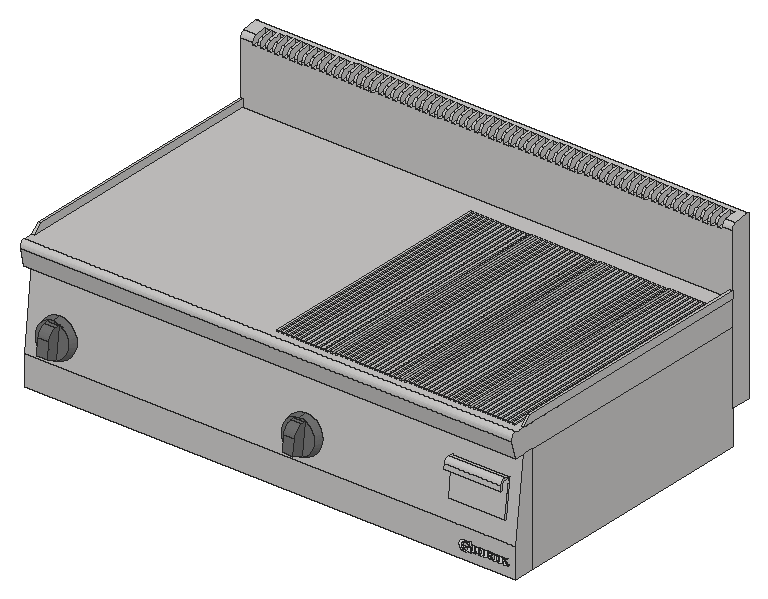
Revit family "QF_GIORIK_LGE6963", category Specialty Equipment, Revit 2014
Parameters (values of type "LGE6963")
  Weight in Pounds = 209.4389
  Watts = 10800 W
  Volts = 400 V
  URL Cutsheet = "www.giorik.com"
  URL = "www.giorik.com"
  Status [instance] = ""
  Specification by User [instance] = ""
  Specification by Manufacturer = ""
  Show Logo [instance] = yes
  Show Clearance [instance] = yes
  Serial Number = ""
  Seismic Rating = ""
  SMACNA No = ""
  Revision Code [instance] = ""
  Phase = 3
  Number of Poles [instance] = 3
  NAFEM Spec ID Number = ""
  Model = "LGE6963"
  Min Ckt Ampacity = 0 A
  Max Overcurrent Protection = 0 A
  Masterspec = ""
  Manufacturer = "GIORIK"
  Item Number [instance] = ""
  Installed By [instance] = ""
  Identify Quantity as Lot [instance] = no
  HP = "14.483016000000"
  Furnished By [instance] = ""
  Foodservice Equipment Identifier [instance] = yes
  FL Amps = 0 A
  Electrical Remarks [instance] = ""
  Electric Connection Type [instance] = ""
  Elec Conn RI Height [instance] = 0 mm
  Elec Conn Connection Height [instance] = 45 mm
  Description = "GRIDDLE SMOOTH RIBBED"
  Cycle = 50 Hz
  Conn Plug = ""
  CSI MasterFormat = ""
  Assembly Code = "E1090320"
  Apparent Power = 10800 VA
Reference planes
  plane 1 "Back": y = 0
  plane 2: z = 0
  plane 3 "Left": x = 0
  plane 4 "Right": x = 1000
  plane 5 "Front": y = -600
  plane 6 "Top": z = 430
Forms (mm)
  Extrusion 1, solid
    sketch origin (437.5, 54.539, -573.525) x (1, 0, 0) y (0, 1, 0)
      loop
        line (62.5, -135) -> (62.5, -628.345) -> (67.5, -628.345) -> (67.5, -135) -> (62.5, -135)
      loop
        line (72.5, -135) -> (72.5, -628.345) -> (77.5, -628.345) -> (77.5, -135) -> (72.5, -135)
      loop
        line (82.5, -135) -> (82.5, -628.345) -> (87.5, -628.345) -> (87.5, -135) -> (82.5, -135)
      loop
        line (92.5, -135) -> (92.5, -628.345) -> (97.5, -628.345) -> (97.5, -135) -> (92.5, -135)
      loop
        line (102.5, -135) -> (102.5, -628.345) -> (107.5, -628.345) -> (107.5, -135) -> (102.5, -135)
      loop
        line (112.5, -135) -> (112.5, -628.345) -> (117.5, -628.345) -> (117.5, -135) -> (112.5, -135)
      loop
        line (122.5, -135) -> (122.5, -628.345) -> (127.5, -628.345) -> (127.5, -135) -> (122.5, -135)
      loop
        line (132.5, -135) -> (132.5, -628.345) -> (137.5, -628.345) -> (137.5, -135) -> (132.5, -135)
      loop
        line (142.5, -135) -> (142.5, -628.345) -> (147.5, -628.345) -> (147.5, -135) -> (142.5, -135)
      loop
        line (152.5, -135) -> (152.5, -628.345) -> (157.5, -628.345) -> (157.5, -135) -> (152.5, -135)
      loop
        line (162.5, -135) -> (162.5, -628.345) -> (167.5, -628.345) -> (167.5, -135) -> (162.5, -135)
      loop
        line (172.5, -135) -> (172.5, -628.345) -> (177.5, -628.345) -> (177.5, -135) -> (172.5, -135)
      loop
        line (182.5, -135) -> (182.5, -628.345) -> (187.5, -628.345) -> (187.5, -135) -> (182.5, -135)
      loop
        line (192.5, -135) -> (192.5, -628.345) -> (197.5, -628.345) -> (197.5, -135) -> (192.5, -135)
      loop
        line (202.5, -135) -> (202.5, -628.345) -> (207.5, -628.345) -> (207.5, -135) -> (202.5, -135)
      loop
        line (212.5, -135) -> (212.5, -628.345) -> (217.5, -628.345) -> (217.5, -135) -> (212.5, -135)
      loop
        line (222.5, -135) -> (222.5, -628.345) -> (227.5, -628.345) -> (227.5, -135) -> (222.5, -135)
      loop
        line (232.5, -135) -> (232.5, -628.345) -> (237.5, -628.345) -> (237.5, -135) -> (232.5, -135)
      loop
        line (242.5, -135) -> (242.5, -628.345) -> (247.5, -628.345) -> (247.5, -135) -> (242.5, -135)
      loop
        line (252.5, -135) -> (252.5, -628.345) -> (257.5, -628.345) -> (257.5, -135) -> (252.5, -135)
      loop
        line (262.5, -135) -> (262.5, -628.345) -> (267.5, -628.345) -> (267.5, -135) -> (262.5, -135)
      loop
        line (272.5, -135) -> (272.5, -628.345) -> (277.5, -628.345) -> (277.5, -135) -> (272.5, -135)
      loop
        line (282.5, -135) -> (282.5, -628.345) -> (287.5, -628.345) -> (287.5, -135) -> (282.5, -135)
      loop
        line (292.5, -135) -> (292.5, -628.345) -> (297.5, -628.345) -> (297.5, -135) -> (292.5, -135)
      loop
        line (302.5, -135) -> (302.5, -628.345) -> (307.5, -628.345) -> (307.5, -135) -> (302.5, -135)
      loop
        line (312.5, -135) -> (312.5, -628.345) -> (317.5, -628.345) -> (317.5, -135) -> (312.5, -135)
      loop
        line (322.5, -135) -> (322.5, -628.345) -> (327.5, -628.345) -> (327.5, -135) -> (322.5, -135)
      loop
        line (332.5, -135) -> (332.5, -628.345) -> (337.5, -628.345) -> (337.5, -135) -> (332.5, -135)
      loop
        line (342.5, -135) -> (342.5, -628.345) -> (347.5, -628.345) -> (347.5, -135) -> (342.5, -135)
      loop
        line (352.5, -135) -> (352.5, -628.345) -> (357.5, -628.345) -> (357.5, -135) -> (352.5, -135)
      loop
        line (362.5, -135) -> (362.5, -628.345) -> (367.5, -628.345) -> (367.5, -135) -> (362.5, -135)
      loop
        line (372.5, -135) -> (372.5, -628.345) -> (377.5, -628.345) -> (377.5, -135) -> (372.5, -135)
      loop
        line (382.5, -135) -> (382.5, -628.345) -> (387.5, -628.345) -> (387.5, -135) -> (382.5, -135)
      loop
        line (392.5, -135) -> (392.5, -628.345) -> (397.5, -628.345) -> (397.5, -135) -> (392.5, -135)
      loop
        line (402.5, -135) -> (402.5, -628.345) -> (407.5, -628.345) -> (407.5, -135) -> (402.5, -135)
      loop
        line (412.5, -135) -> (412.5, -628.345) -> (417.5, -628.345) -> (417.5, -135) -> (412.5, -135)
      loop
        line (422.5, -135) -> (422.5, -628.345) -> (427.5, -628.345) -> (427.5, -135) -> (422.5, -135)
      loop
        line (432.5, -135) -> (432.5, -628.345) -> (437.5, -628.345) -> (437.5, -135) -> (432.5, -135)
      loop
        line (442.5, -135) -> (442.5, -628.345) -> (447.5, -628.345) -> (447.5, -135) -> (442.5, -135)
      loop
        line (452.5, -135) -> (452.5, -628.345) -> (457.5, -628.345) -> (457.5, -135) -> (452.5, -135)
      loop
        line (462.5, -135) -> (462.5, -628.345) -> (467.5, -628.345) -> (467.5, -135) -> (462.5, -135)
      loop
        line (472.5, -135) -> (472.5, -628.345) -> (477.5, -628.345) -> (477.5, -135) -> (472.5, -135)
      loop
        line (482.5, -135) -> (482.5, -628.345) -> (487.5, -628.345) -> (487.5, -135) -> (482.5, -135)
      loop
        line (492.5, -135) -> (492.5, -628.345) -> (497.5, -628.345) -> (497.5, -135) -> (492.5, -135)
      loop
        line (502.5, -135) -> (502.5, -628.345) -> (507.5, -628.345) -> (507.5, -135) -> (502.5, -135)
      loop
        line (512.5, -135) -> (512.5, -628.345) -> (517.5, -628.345) -> (517.5, -135) -> (512.5, -135)
      loop
        line (522.5, -135) -> (522.5, -628.345) -> (527.5, -628.345) -> (527.5, -135) -> (522.5, -135)
      loop
        line (532.5, -135) -> (532.5, -628.345) -> (537.5, -628.345) -> (537.5, -135) -> (532.5, -135)
      loop
        line (542.5, -135) -> (542.5, -628.345) -> (547.5, -628.345) -> (547.5, -135) -> (542.5, -135)
    from 863.5 to 865.5
  Extrusion 2, solid
    sketch origin (0, 1000, -580) x (0, 1, 0) y (0, 0, 1)
      loop
        line (-1040.007, 869.975) -> (-1589.445, 869.975)
        arc (-1589.445, 869.975) -> (-1598.171, 865.672) -> (-1600.069, 856.13) r 10.999
        line (-1600.069, 856.13) -> (-1590.388, 820) -> (-1040.007, 820) -> (-1040.007, 869.975)
    from 0 to 1000
  Extrusion 3, solid
    sketch origin (0, 0, -560) x (0, 1, 0) y (0, 0, 1)
      loop
        line (-570.06, 849.975) -> (-40.007, 849.975) -> (-40.007, 865.387) -> (-554.648, 865.387) -> (-570.06, 849.975)
    from 0 to 5
  Extrusion 4, solid
    sketch origin (0, 0, -560) x (0, 1, 0) y (0, 0, 1)
      loop
        line (-40.007, 800) -> (-550, 800) -> (-550, 580) -> (-40.007, 580) -> (-40.007, 800)
    from 0 to 1000
  Extrusion 5, solid
    sketch origin (0, 0, -560) x (0, 1, 0) y (0, 0, 1)
      loop
        line (-550, 800) -> (-570.5, 800) -> (-590, 640) -> (-590, 580) -> (-550, 580) -> (-550, 800)
    from 0 to 1000
  Revolve 6, solid
    sketch origin (75.155, 0.456, -560.03) x (0, 1, 0) y (0, 0, 1)
      loop
        line (-598.03, 706.389) -> (-594.27, 737.013) -> (-609.648, 734.852) -> (-613.772, 701.269) -> (-581.482, 697.305) -> (-580.629, 704.252) -> (-598.03, 706.389)
      axis (-581.482, 697.305) -> (-613.772, 701.269)
    angle from 0 to 360
  Extrusion 7, solid
    sketch origin (598.094, 0, -560) x (0, 1, 0) y (0, 0, 1)
      loop
        line (-570.06, 849.975) -> (-40.007, 849.975) -> (-40.007, 865.387) -> (-554.648, 865.387) -> (-570.06, 849.975)
    from 396.962 to 401.906
  Extrusion 8, solid
    sketch origin (0, 0, -560) x (0, 1, 0) y (0, 0, 1)
      loop
        line (-40.007, 974.217) -> (-40.007, 650.827) -> (0, 650.827) -> (0, 988.42)
        arc (0, 988.42) -> (-0.57, 989.648) -> (-1.878, 990) r 1.6
        line (-1.878, 990) -> (-31.072, 984.852)
        arc (-31.072, 984.852) -> (-37.477, 981.162) -> (-40.007, 974.217) r 10.797
    from 0 to 1000
  Extrusion 9, solid
    sketch origin (-87.831, 0.456, -560.03) x (0, 1, 0) y (0, 0, 1)
      loop
        line (-635.843, 711.553) -> (-639.647, 680.575) -> (-617.415, 671.593) -> (-610.135, 730.882) -> (-617.934, 729.786)
        arc (-617.934, 729.786) -> (-629.982, 723.708) -> (-635.843, 711.553) r 20.998
    from 151.831 to 173.831
  Revolve 10, solid
    sketch origin (575.155, 0.456, -560.03) x (0, 1, 0) y (0, 0, 1)
      loop
        line (-598.03, 706.389) -> (-594.27, 737.013) -> (-609.648, 734.852) -> (-613.772, 701.269) -> (-581.482, 697.305) -> (-580.629, 704.252) -> (-598.03, 706.389)
      axis (-581.482, 697.305) -> (-613.772, 701.269)
    angle from 0 to 360
  Extrusion 11, solid
    sketch origin (412.169, 0.456, -560.03) x (0, 1, 0) y (0, 0, 1)
      loop
        line (-635.843, 711.553) -> (-639.647, 680.575) -> (-617.415, 671.593) -> (-610.135, 730.882) -> (-617.934, 729.786)
        arc (-617.934, 729.786) -> (-629.982, 723.708) -> (-635.843, 711.553) r 20.998
    from 151.831 to 173.831
  Extrusion 12, solid, visible <- "Show Logo"
    sketch origin (791.604, -590.5, -6.113) x (-1, 0, 0) y (0, 0, 1)
      loop
        line (-118.824, 58.358) -> (-127.804, 58.358) -> (-125.523, 56.445) -> (-125.523, 48.027) -> (-127.804, 46.113) -> (-118.824, 46.113) -> (-121.105, 48.027) -> (-121.105, 56.445) -> (-118.824, 58.358)
      loop
        line (-163.721, 58.358) -> (-172.7, 58.358) -> (-170.42, 56.445) -> (-170.42, 48.027) -> (-172.7, 46.113) -> (-163.721, 46.113) -> (-166.001, 48.027) -> (-166.001, 56.445) -> (-163.721, 58.358)
      loop
        line (-174.332, 58.358) -> (-183.312, 58.358) -> (-181.031, 56.445) -> (-181.031, 52.435) -> (-186.419, 56.955) -> (-184.416, 58.358) -> (-191.268, 58.358) -> (-188.01, 56.839) -> (-185.455, 54.283) -> (-190.846, 47.858) -> (-193.396, 46.93) -> (-193.396, 46.113) -> (-184.416, 46.113) -> (-185.437, 47.571) -> (-182.443, 51.552) -> (-181.031, 50.894) -> (-181.031, 48.027) -> (-183.312, 46.113) -> (-174.332, 46.113) -> (-176.613, 48.027) -> (-176.613, 56.445) -> (-174.332, 58.358)
      loop
        line (-115.429, 62.063) -> (-115.429, 54.198)
        arc (-115.429, 54.198) -> (-111.618, 57.803) -> (-106.847, 59.986) r 16.039
        arc (-106.847, 59.986) -> (-103.314, 59.837) -> (-100.512, 57.68) r 5.851
        arc (-100.512, 57.68) -> (-98.815, 52.267) -> (-100.512, 46.853) r 9.479
        arc (-100.512, 46.853) -> (-102.406, 44.986) -> (-104.846, 43.93) r 7.236
        arc (-104.846, 43.93) -> (-107.728, 44.111) -> (-110.052, 45.825) r 5.11
        line (-110.052, 45.825) -> (-110.052, 52.001) -> (-116.141, 52.001) -> (-116.141, 45.503) -> (-117.893, 43.751) -> (-114.094, 44.769)
        arc (-114.094, 44.769) -> (-112.56, 44.947) -> (-111.129, 44.366) r 3.115
        arc (-111.129, 44.366) -> (-104.216, 42.091) -> (-97.303, 44.366) r 11.641
        arc (-97.303, 44.366) -> (-93.396, 52.107) -> (-97.303, 59.849) r 9.622
        arc (-97.303, 59.849) -> (-104.369, 62.174) -> (-111.435, 59.849) r 11.898
        line (-111.435, 59.849) -> (-115.429, 62.063)
      loop
        arc (-129.234, 56.068) -> (-135.893, 58.628) -> (-142.552, 56.068) r 9.941
        arc (-142.552, 56.068) -> (-144.234, 52.286) -> (-142.552, 48.505) r 5.093
        arc (-142.552, 48.505) -> (-135.893, 45.945) -> (-129.234, 48.505) r 9.941
        arc (-129.234, 48.505) -> (-127.552, 52.286) -> (-129.234, 56.068) r 5.093
      loop
        arc (-132.628, 54.403) -> (-135.893, 57.668) -> (-139.158, 54.403) r 3.265
        line (-139.158, 54.403) -> (-139.158, 50.169)
        arc (-139.158, 50.169) -> (-135.893, 46.904) -> (-132.628, 50.169) r 3.265
        line (-132.628, 50.169) -> (-132.628, 54.403)
      loop
        arc (-156.363, 58.365) -> (-159.647, 55.081) -> (-156.363, 51.796) r 3.285
        line (-156.363, 51.796) -> (-159.529, 47.306) -> (-162.087, 46.113) -> (-155.847, 46.113) -> (-153.529, 51.083) -> (-150.637, 51.083) -> (-150.637, 47.784) -> (-153.022, 46.113) -> (-144.011, 46.113) -> (-146.094, 47.68) -> (-146.094, 56.493) -> (-144.229, 58.365) -> (-156.363, 58.365)
      loop
        line (-150.637, 57.512) -> (-153.637, 57.512)
        arc (-153.637, 57.512) -> (-156.237, 54.912) -> (-153.637, 52.312) r 2.6
        line (-153.637, 52.312) -> (-150.637, 52.312) -> (-150.637, 57.512)
      loop
        line (-108.924, 52.001) -> (-104.936, 49.005) -> (-100.948, 52.001) -> (-108.924, 52.001)
    from 1.5 to -0.5
  Extrusion 13, void
    sketch origin (10, 0, 430) x (0, 1, 0) y (-1, 0, 0)
      loop
        line (-40.007, -25) -> (-9.931, -25) -> (-9.931, -15) -> (-40.007, -15) -> (-40.007, -25)
      loop
        line (-40.007, -40) -> (-9.931, -40) -> (-9.931, -30) -> (-40.007, -30) -> (-40.007, -40)
      loop
        line (-40.007, -55) -> (-9.931, -55) -> (-9.931, -45) -> (-40.007, -45) -> (-40.007, -55)
      loop
        line (-40.007, -70) -> (-9.931, -70) -> (-9.931, -60) -> (-40.007, -60) -> (-40.007, -70)
      loop
        line (-40.007, -85) -> (-9.931, -85) -> (-9.931, -75) -> (-40.007, -75) -> (-40.007, -85)
      loop
        line (-40.007, -100) -> (-9.931, -100) -> (-9.931, -90) -> (-40.007, -90) -> (-40.007, -100)
      loop
        line (-40.007, -115) -> (-9.931, -115) -> (-9.931, -105) -> (-40.007, -105) -> (-40.007, -115)
      loop
        line (-40.007, -130) -> (-9.931, -130) -> (-9.931, -120) -> (-40.007, -120) -> (-40.007, -130)
      loop
        line (-40.007, -145) -> (-9.931, -145) -> (-9.931, -135) -> (-40.007, -135) -> (-40.007, -145)
      loop
        line (-40.007, -160) -> (-9.931, -160) -> (-9.931, -150) -> (-40.007, -150) -> (-40.007, -160)
      loop
        line (-40.007, -175) -> (-9.931, -175) -> (-9.931, -165) -> (-40.007, -165) -> (-40.007, -175)
      loop
        line (-40.007, -190) -> (-9.931, -190) -> (-9.931, -180) -> (-40.007, -180) -> (-40.007, -190)
      loop
        line (-40.007, -205) -> (-9.931, -205) -> (-9.931, -195) -> (-40.007, -195) -> (-40.007, -205)
      loop
        line (-40.007, -220) -> (-9.931, -220) -> (-9.931, -210) -> (-40.007, -210) -> (-40.007, -220)
      loop
        line (-40.007, -235) -> (-9.931, -235) -> (-9.931, -225) -> (-40.007, -225) -> (-40.007, -235)
      loop
        line (-40.007, -250) -> (-9.931, -250) -> (-9.931, -240) -> (-40.007, -240) -> (-40.007, -250)
      loop
        line (-40.007, -265) -> (-9.931, -265) -> (-9.931, -255) -> (-40.007, -255) -> (-40.007, -265)
      loop
        line (-40.007, -280) -> (-9.931, -280) -> (-9.931, -270) -> (-40.007, -270) -> (-40.007, -280)
      loop
        line (-40.007, -295) -> (-9.931, -295) -> (-9.931, -285) -> (-40.007, -285) -> (-40.007, -295)
      loop
        line (-40.007, -310) -> (-9.931, -310) -> (-9.931, -300) -> (-40.007, -300) -> (-40.007, -310)
      loop
        line (-40.007, -325) -> (-9.931, -325) -> (-9.931, -315) -> (-40.007, -315) -> (-40.007, -325)
      loop
        line (-40.007, -340) -> (-9.931, -340) -> (-9.931, -330) -> (-40.007, -330) -> (-40.007, -340)
      loop
        line (-40.007, -355) -> (-9.931, -355) -> (-9.931, -345) -> (-40.007, -345) -> (-40.007, -355)
      loop
        line (-40.007, -370) -> (-9.931, -370) -> (-9.931, -360) -> (-40.007, -360) -> (-40.007, -370)
      loop
        line (-40.007, -385) -> (-9.931, -385) -> (-9.931, -375) -> (-40.007, -375) -> (-40.007, -385)
      loop
        line (-40.007, -400) -> (-9.931, -400) -> (-9.931, -390) -> (-40.007, -390) -> (-40.007, -400)
      loop
        line (-40.007, -415) -> (-9.931, -415) -> (-9.931, -405) -> (-40.007, -405) -> (-40.007, -415)
      loop
        line (-40.007, -430) -> (-9.931, -430) -> (-9.931, -420) -> (-40.007, -420) -> (-40.007, -430)
      loop
        line (-40.007, -445) -> (-9.931, -445) -> (-9.931, -435) -> (-40.007, -435) -> (-40.007, -445)
      loop
        line (-40.007, -460) -> (-9.931, -460) -> (-9.931, -450) -> (-40.007, -450) -> (-40.007, -460)
      loop
        line (-40.007, -475) -> (-9.931, -475) -> (-9.931, -465) -> (-40.007, -465) -> (-40.007, -475)
      loop
        line (-40.007, -490) -> (-9.931, -490) -> (-9.931, -480) -> (-40.007, -480) -> (-40.007, -490)
      loop
        line (-40.007, -505) -> (-9.931, -505) -> (-9.931, -495) -> (-40.007, -495) -> (-40.007, -505)
      loop
        line (-40.007, -520) -> (-9.931, -520) -> (-9.931, -510) -> (-40.007, -510) -> (-40.007, -520)
      loop
        line (-40.007, -535) -> (-9.931, -535) -> (-9.931, -525) -> (-40.007, -525) -> (-40.007, -535)
      loop
        line (-40.007, -550) -> (-9.931, -550) -> (-9.931, -540) -> (-40.007, -540) -> (-40.007, -550)
      loop
        line (-40.007, -565) -> (-9.931, -565) -> (-9.931, -555) -> (-40.007, -555) -> (-40.007, -565)
      loop
        line (-40.007, -580) -> (-9.931, -580) -> (-9.931, -570) -> (-40.007, -570) -> (-40.007, -580)
      loop
        line (-40.007, -595) -> (-9.931, -595) -> (-9.931, -585) -> (-40.007, -585) -> (-40.007, -595)
      loop
        line (-40.007, -610) -> (-9.931, -610) -> (-9.931, -600) -> (-40.007, -600) -> (-40.007, -610)
      loop
        line (-40.007, -625) -> (-9.931, -625) -> (-9.931, -615) -> (-40.007, -615) -> (-40.007, -625)
      loop
        line (-40.007, -640) -> (-9.931, -640) -> (-9.931, -630) -> (-40.007, -630) -> (-40.007, -640)
      loop
        line (-40.007, -655) -> (-9.931, -655) -> (-9.931, -645) -> (-40.007, -645) -> (-40.007, -655)
      loop
        line (-40.007, -670) -> (-9.931, -670) -> (-9.931, -660) -> (-40.007, -660) -> (-40.007, -670)
      loop
        line (-40.007, -685) -> (-9.931, -685) -> (-9.931, -675) -> (-40.007, -675) -> (-40.007, -685)
      loop
        line (-40.007, -700) -> (-9.931, -700) -> (-9.931, -690) -> (-40.007, -690) -> (-40.007, -700)
      loop
        line (-40.007, -715) -> (-9.931, -715) -> (-9.931, -705) -> (-40.007, -705) -> (-40.007, -715)
      loop
        line (-40.007, -730) -> (-9.931, -730) -> (-9.931, -720) -> (-40.007, -720) -> (-40.007, -730)
      loop
        line (-40.007, -745) -> (-9.931, -745) -> (-9.931, -735) -> (-40.007, -735) -> (-40.007, -745)
      loop
        line (-40.007, -760) -> (-9.931, -760) -> (-9.931, -750) -> (-40.007, -750) -> (-40.007, -760)
      loop
        line (-40.007, -775) -> (-9.931, -775) -> (-9.931, -765) -> (-40.007, -765) -> (-40.007, -775)
      loop
        line (-40.007, -790) -> (-9.931, -790) -> (-9.931, -780) -> (-40.007, -780) -> (-40.007, -790)
      loop
        line (-40.007, -805) -> (-9.931, -805) -> (-9.931, -795) -> (-40.007, -795) -> (-40.007, -805)
      loop
        line (-40.007, -820) -> (-9.931, -820) -> (-9.931, -810) -> (-40.007, -810) -> (-40.007, -820)
      loop
        line (-40.007, -835) -> (-9.931, -835) -> (-9.931, -825) -> (-40.007, -825) -> (-40.007, -835)
      loop
        line (-40.007, -850) -> (-9.931, -850) -> (-9.931, -840) -> (-40.007, -840) -> (-40.007, -850)
      loop
        line (-40.007, -865) -> (-9.931, -865) -> (-9.931, -855) -> (-40.007, -855) -> (-40.007, -865)
      loop
        line (-40.007, -880) -> (-9.931, -880) -> (-9.931, -870) -> (-40.007, -870) -> (-40.007, -880)
      loop
        line (-40.007, -895) -> (-9.931, -895) -> (-9.931, -885) -> (-40.007, -885) -> (-40.007, -895)
      loop
        line (-40.007, -910) -> (-9.931, -910) -> (-9.931, -900) -> (-40.007, -900) -> (-40.007, -910)
      loop
        line (-40.007, -925) -> (-9.931, -925) -> (-9.931, -915) -> (-40.007, -915) -> (-40.007, -925)
      loop
        line (-40.007, -940) -> (-9.931, -940) -> (-9.931, -930) -> (-40.007, -930) -> (-40.007, -940)
      loop
        line (-40.007, -955) -> (-9.931, -955) -> (-9.931, -945) -> (-40.007, -945) -> (-40.007, -955)
      loop
        line (-40.007, -970) -> (-9.931, -970) -> (-9.931, -960) -> (-40.007, -960) -> (-40.007, -970)
    from 0 to -20
  Extrusion 14, solid
    sketch origin (566.603, 15.293, -30) x (0, 1, 0) y (-1, 0, 0)
      loop
        circle (-79.293, 516.603) r 5
    from 41.965 to 50
  Revolve 15, solid
    sketch origin (50, 19.943, -600) x (0, 1, 0) y (0, 0, 1)
      loop
        line (-83.943, 611.965) -> (-94.752, 611.965) -> (-97.943, 600) -> (-83.943, 600) -> (-83.943, 611.965)
      axis (-83.943, 611.965) -> (-83.943, 600)
    angle from 0 to 360
  Extrusion 16, solid
    sketch origin (433.397, 15.293, -30) x (0, 1, 0) y (-1, 0, 0)
      loop
        circle (-79.293, -516.603) r 5
    from 41.965 to 50
  Revolve 17, solid
    sketch origin (950, 19.943, -600) x (0, 1, 0) y (0, 0, -1)
      loop
        line (-83.943, -611.965) -> (-83.943, -600) -> (-97.943, -600) -> (-94.752, -611.965) -> (-83.943, -611.965)
      axis (-83.943, -611.965) -> (-83.943, -600)
    angle from 0 to 360
  Extrusion 18, solid
    sketch origin (566.603, -459.707, -30) x (0, 1, 0) y (-1, 0, 0)
      loop
        circle (-79.293, 516.603) r 5
    from 41.965 to 50
  Revolve 19, solid
    sketch origin (50, -455.057, -600) x (0, 1, 0) y (0, 0, 1)
      loop
        line (-83.943, 611.965) -> (-94.752, 611.965) -> (-97.943, 600) -> (-83.943, 600) -> (-83.943, 611.965)
      axis (-83.943, 611.965) -> (-83.943, 600)
    angle from 0 to 360
  Extrusion 20, solid
    sketch origin (433.397, -459.707, -30) x (0, 1, 0) y (-1, 0, 0)
      loop
        circle (-79.293, -516.603) r 5
    from 41.965 to 50
  Revolve 21, solid
    sketch origin (950, -455.057, -600) x (0, 1, 0) y (0, 0, -1)
      loop
        line (-83.943, -611.965) -> (-83.943, -600) -> (-97.943, -600) -> (-94.752, -611.965) -> (-83.943, -611.965)
      axis (-83.943, -611.965) -> (-83.943, -600)
    angle from 0 to 360
  Extrusion 22, solid
    sketch origin (722.5, -693.34, -437.283) x (0, 0.992655, -0.12098) y (0, 0.12098, 0.992655)
      loop
        line (40, 640.1) -> (30, 640.1)
        arc (30, 640.1) -> (22.929, 637.171) -> (20, 630.1) r 10
        line (20, 630.1) -> (20, 620.1) -> (22, 620.1) -> (22, 630.1)
        arc (22, 630.1) -> (24.343, 635.757) -> (30, 638.1) r 8
        line (30, 638.1) -> (38, 638.1) -> (38, 565.1) -> (40, 565.1) -> (40, 640.1)
    from 137.5 to 252.5
  Extrusion 23, solid
    sketch origin (-70, 0, 45) x (1, 0, 0) y (0, 0, 1)
      loop
        circle (1000, 0) r 12.5
    from 20.476 to 40.007
Cuts and joins
  Extrusion 13 cuts Extrusion 8
Lines and regions (mm)
  symbolic lines, style "200-EquipBorder-2D"
    curve 1: line (1000, 0, 0) -> (0, 0, 0)
    curve 2: line (0, 0, 0) -> (0, -600, 0)
    curve 3: line (1000, 0, 430) -> (1000, -600, 430)
    curve 395: line (0, -600, 430) -> (1000, -600, 430)
    curve 398: spline (64, -617.202, 990) -> (60.789, -617.041, 990) -> (57.73, -616.841, 990) -> (54.856, -616.604, 990) -> (52.196, -616.332, 990) -> (49.779, -616.028, 990) -> (47.63, -615.696, 990) -> (45.772, -615.338, 990) -> (44.225, -614.96, 990) -> (43.004, -614.563, 990) -> (42.122, -614.154, 990) -> (41.59, -613.736, 990) -> (41.412, -613.313, 990)
    curve 399: spline (109.073, -613.408, 990) -> (108.819, -613.826, 990) -> (108.218, -614.239, 990) -> (107.275, -614.643, 990) -> (106.001, -615.033, 990) -> (104.408, -615.405, 990) -> (102.513, -615.755, 990) -> (100.336, -616.08, 990) -> (97.898, -616.376, 990) -> (95.227, -616.641, 990) -> (92.348, -616.871, 990) -> (89.293, -617.065, 990) -> (86.091, -617.219, 990)
    curve 400: line (41.412, -613.313, 990) -> (37.735, -600, 990)
    curve 401: line (109.073, -613.408, 990) -> (112.578, -600, 990)
    curve 402: line (64, -639.19, 430) -> (64, -609.679, 430)
    curve 403: line (64, -639.19, 430) -> (86, -639.19, 430)
    curve 404: line (86, -639.19, 430) -> (86, -609.679, 430)
    curve 405: spline (41.412, -613.313, 430) -> (42.564, -612.264, 430) -> (45.941, -611.286, 430) -> (51.314, -610.446, 430) -> (58.316, -609.802, 430) -> (66.47, -609.396, 430) -> (75.22, -609.258, 430) -> (83.97, -609.396, 430) -> (92.124, -609.802, 430) -> (99.126, -610.446, 430) -> (104.499, -611.286, 430) -> (107.877, -612.264, 430) -> (109.029, -613.313, 430)
    curve 406: line (64, -609.679, 430) -> (86, -609.679, 430)
    curve 407: spline (564, -617.202, 990) -> (560.789, -617.041, 990) -> (557.73, -616.841, 990) -> (554.856, -616.604, 990) -> (552.196, -616.332, 990) -> (549.779, -616.028, 990) -> (547.63, -615.696, 990) -> (545.772, -615.338, 990) -> (544.225, -614.96, 990) -> (543.004, -614.563, 990) -> (542.122, -614.154, 990) -> (541.59, -613.736, 990) -> (541.412, -613.313, 990)
    curve 408: spline (609.073, -613.408, 990) -> (608.819, -613.826, 990) -> (608.218, -614.239, 990) -> (607.275, -614.643, 990) -> (606.001, -615.033, 990) -> (604.408, -615.405, 990) -> (602.513, -615.755, 990) -> (600.336, -616.08, 990) -> (597.898, -616.376, 990) -> (595.227, -616.641, 990) -> (592.348, -616.871, 990) -> (589.293, -617.065, 990) -> (586.091, -617.219, 990)
    curve 409: line (541.412, -613.313, 990) -> (537.735, -600, 990)
    curve 410: line (609.073, -613.408, 990) -> (612.578, -600, 990)
    curve 411: line (564, -639.19, 430) -> (564, -609.679, 430)
    curve 412: line (564, -639.19, 430) -> (586, -639.19, 430)
    curve 413: line (586, -639.19, 430) -> (586, -609.679, 430)
    curve 414: spline (541.412, -613.313, 430) -> (542.564, -612.264, 430) -> (545.941, -611.286, 430) -> (551.314, -610.446, 430) -> (558.316, -609.802, 430) -> (566.47, -609.396, 430) -> (575.22, -609.258, 430) -> (583.97, -609.396, 430) -> (592.124, -609.802, 430) -> (599.126, -610.446, 430) -> (604.499, -611.286, 430) -> (607.877, -612.264, 430) -> (609.029, -613.313, 430)
    curve 415: line (564, -609.679, 430) -> (586, -609.679, 430)
  symbolic lines, style "200-EquipInternal-2D"
    curve 4: line (995, -40.007, 430) -> (995, -570.06, 430)
    curve 5: line (995, -570.06, 430) -> (1000, -570.06, 430)
    curve 6: line (505, -80.461, 430) -> (500, -80.461, 430)
    curve 7: line (515, -80.461, 430) -> (510, -80.461, 430)
    curve 8: line (525, -80.461, 430) -> (520, -80.461, 430)
    curve 9: line (535, -80.461, 430) -> (530, -80.461, 430)
    curve 10: line (545, -80.461, 430) -> (540, -80.461, 430)
    curve 11: line (555, -80.461, 430) -> (550, -80.461, 430)
    curve 12: line (565, -80.461, 430) -> (560, -80.461, 430)
    curve 13: line (575, -80.461, 430) -> (570, -80.461, 430)
    curve 14: line (585, -80.461, 430) -> (580, -80.461, 430)
    curve 15: line (580, -80.461, 430) -> (580, -573.806, 430)
    curve 16: line (575, -573.806, 430) -> (575, -80.461, 430)
    curve 17: line (570, -80.461, 430) -> (570, -573.806, 430)
    curve 18: line (565, -573.806, 430) -> (565, -80.461, 430)
    curve 19: line (560, -80.461, 430) -> (560, -573.806, 430)
    curve 20: line (550, -80.461, 430) -> (550, -573.806, 430)
    curve 21: line (555, -573.806, 430) -> (555, -80.461, 430)
    curve 22: line (545, -573.806, 430) -> (545, -80.461, 430)
    curve 23: line (540, -80.461, 430) -> (540, -573.806, 430)
    curve 24: line (535, -573.806, 430) -> (535, -80.461, 430)
    curve 25: line (530, -80.461, 430) -> (530, -573.806, 430)
    curve 26: line (525, -573.806, 430) -> (525, -80.461, 430)
    curve 27: line (520, -80.461, 430) -> (520, -573.806, 430)
    curve 28: line (510, -80.461, 430) -> (510, -573.806, 430)
    curve 29: line (505, -573.806, 430) -> (505, -80.461, 430)
    curve 30: line (500, -80.461, 430) -> (500, -573.806, 430)
    curve 31: line (515, -573.806, 430) -> (515, -80.461, 430)
    curve 32: line (655, -573.806, 430) -> (655, -80.461, 430)
    curve 33: line (650, -80.461, 430) -> (650, -573.806, 430)
    curve 34: line (645, -573.806, 430) -> (645, -80.461, 430)
    curve 35: line (640, -80.461, 430) -> (640, -573.806, 430)
    curve 36: line (635, -573.806, 430) -> (635, -80.461, 430)
    curve 37: line (630, -80.461, 430) -> (630, -573.806, 430)
    curve 38: line (625, -573.806, 430) -> (625, -80.461, 430)
    curve 39: line (620, -80.461, 430) -> (620, -573.806, 430)
    curve 40: line (615, -573.806, 430) -> (615, -80.461, 430)
    curve 41: line (610, -80.461, 430) -> (610, -573.806, 430)
    curve 42: line (605, -573.806, 430) -> (605, -80.461, 430)
    curve 43: line (600, -80.461, 430) -> (600, -573.806, 430)
    curve 44: line (595, -573.806, 430) -> (595, -80.461, 430)
    curve 45: line (590, -80.461, 430) -> (590, -573.806, 430)
    curve 46: line (585, -573.806, 430) -> (585, -80.461, 430)
    curve 47: line (595, -80.461, 430) -> (590, -80.461, 430)
    curve 48: line (605, -80.461, 430) -> (600, -80.461, 430)
    curve 49: line (615, -80.461, 430) -> (610, -80.461, 430)
    curve 50: line (625, -80.461, 430) -> (620, -80.461, 430)
    curve 51: line (635, -80.461, 430) -> (630, -80.461, 430)
    curve 52: line (645, -80.461, 430) -> (640, -80.461, 430)
    curve 53: line (655, -80.461, 430) -> (650, -80.461, 430)
    curve 54: line (660, -80.461, 430) -> (660, -573.806, 430)
    curve 55: line (665, -573.806, 430) -> (665, -80.461, 430)
    curve 56: line (670, -80.461, 430) -> (670, -573.806, 430)
    curve 57: line (675, -573.806, 430) -> (675, -80.461, 430)
    curve 58: line (680, -80.461, 430) -> (680, -573.806, 430)
    curve 59: line (685, -573.806, 430) -> (685, -80.461, 430)
    curve 60: line (690, -80.461, 430) -> (690, -573.806, 430)
    curve 61: line (695, -573.806, 430) -> (695, -80.461, 430)
    curve 62: line (700, -80.461, 430) -> (700, -573.806, 430)
    curve 63: line (705, -573.806, 430) -> (705, -80.461, 430)
    curve 64: line (710, -80.461, 430) -> (710, -573.806, 430)
    curve 65: line (715, -573.806, 430) -> (715, -80.461, 430)
    curve 66: line (720, -80.461, 430) -> (720, -573.806, 430)
    curve 67: line (725, -573.806, 430) -> (725, -80.461, 430)
    curve 68: line (730, -80.461, 430) -> (730, -573.806, 430)
    curve 69: line (735, -573.806, 430) -> (735, -80.461, 430)
    curve 70: line (740, -80.461, 430) -> (740, -573.806, 430)
    curve 71: line (745, -573.806, 430) -> (745, -80.461, 430)
    curve 72: line (750, -80.461, 430) -> (750, -573.806, 430)
    curve 73: line (755, -573.806, 430) -> (755, -80.461, 430)
    curve 74: line (760, -80.461, 430) -> (760, -573.806, 430)
    curve 75: line (765, -573.806, 430) -> (765, -80.461, 430)
    curve 76: line (770, -80.461, 430) -> (770, -573.806, 430)
    curve 77: line (775, -573.806, 430) -> (775, -80.461, 430)
    curve 78: line (780, -80.461, 430) -> (780, -573.806, 430)
    curve 79: line (785, -573.806, 430) -> (785, -80.461, 430)
    curve 80: line (790, -80.461, 430) -> (790, -573.806, 430)
    curve 81: line (795, -573.806, 430) -> (795, -80.461, 430)
    curve 82: line (800, -80.461, 430) -> (800, -573.806, 430)
    curve 83: line (805, -573.806, 430) -> (805, -80.461, 430)
    curve 84: line (810, -80.461, 430) -> (810, -573.806, 430)
    curve 85: line (815, -573.806, 430) -> (815, -80.461, 430)
    curve 86: line (825, -573.806, 430) -> (825, -80.461, 430)
    curve 87: line (820, -80.461, 430) -> (820, -573.806, 430)
    curve 88: line (830, -80.461, 430) -> (830, -573.806, 430)
    curve 89: line (835, -573.806, 430) -> (835, -80.461, 430)
    curve 90: line (840, -80.461, 430) -> (840, -573.806, 430)
    curve 91: line (845, -573.806, 430) -> (845, -80.461, 430)
    curve 92: line (850, -80.461, 430) -> (850, -573.806, 430)
    curve 93: line (855, -573.806, 430) -> (855, -80.461, 430)
    curve 94: line (860, -80.461, 430) -> (860, -573.806, 430)
    curve 95: line (865, -573.806, 430) -> (865, -80.461, 430)
    curve 96: line (870, -80.461, 430) -> (870, -573.806, 430)
    curve 97: line (875, -573.806, 430) -> (875, -80.461, 430)
    curve 98: line (880, -80.461, 430) -> (880, -573.806, 430)
    curve 99: line (875, -80.461, 430) -> (870, -80.461, 430)
    curve 100: line (865, -80.461, 430) -> (860, -80.461, 430)
    curve 101: line (855, -80.461, 430) -> (850, -80.461, 430)
    curve 102: line (845, -80.461, 430) -> (840, -80.461, 430)
    curve 103: line (835, -80.461, 430) -> (830, -80.461, 430)
    curve 104: line (825, -80.461, 430) -> (820, -80.461, 430)
    curve 105: line (815, -80.461, 430) -> (810, -80.461, 430)
    curve 106: line (805, -80.461, 430) -> (800, -80.461, 430)
    curve 107: line (795, -80.461, 430) -> (790, -80.461, 430)
    curve 108: line (785, -80.461, 430) -> (780, -80.461, 430)
    curve 109: line (775, -80.461, 430) -> (770, -80.461, 430)
    curve 110: line (765, -80.461, 430) -> (760, -80.461, 430)
    curve 111: line (755, -80.461, 430) -> (750, -80.461, 430)
    curve 112: line (745, -80.461, 430) -> (740, -80.461, 430)
    curve 113: line (735, -80.461, 430) -> (730, -80.461, 430)
    curve 114: line (725, -80.461, 430) -> (720, -80.461, 430)
    curve 115: line (715, -80.461, 430) -> (710, -80.461, 430)
    curve 116: line (665, -80.461, 430) -> (660, -80.461, 430)
    curve 117: line (675, -80.461, 430) -> (670, -80.461, 430)
    curve 118: line (685, -80.461, 430) -> (680, -80.461, 430)
    curve 119: line (695, -80.461, 430) -> (690, -80.461, 430)
    curve 120: line (705, -80.461, 430) -> (700, -80.461, 430)
    curve 121: line (885, -80.461, 430) -> (880, -80.461, 430)
    curve 122: line (885, -573.806, 430) -> (885, -80.461, 430)
    curve 123: line (895, -80.461, 430) -> (890, -80.461, 430)
    curve 124: line (905, -80.461, 430) -> (900, -80.461, 430)
    curve 125: line (915, -80.461, 430) -> (910, -80.461, 430)
    curve 126: line (925, -80.461, 430) -> (920, -80.461, 430)
    curve 127: line (935, -80.461, 430) -> (930, -80.461, 430)
    curve 128: line (945, -80.461, 430) -> (940, -80.461, 430)
    curve 129: line (955, -80.461, 430) -> (950, -80.461, 430)
    curve 130: line (965, -80.461, 430) -> (960, -80.461, 430)
    curve 131: line (975, -80.461, 430) -> (970, -80.461, 430)
    curve 132: line (985, -80.461, 430) -> (980, -80.461, 430)
    curve 133: line (985, -573.806, 430) -> (985, -80.461, 430)
    curve 134: line (980, -80.461, 430) -> (980, -573.806, 430)
    curve 135: line (975, -573.806, 430) -> (975, -80.461, 430)
    curve 136: line (970, -80.461, 430) -> (970, -573.806, 430)
    curve 137: line (965, -573.806, 430) -> (965, -80.461, 430)
    curve 138: line (960, -80.461, 430) -> (960, -573.806, 430)
    curve 139: line (955, -573.806, 430) -> (955, -80.461, 430)
    curve 140: line (950, -80.461, 430) -> (950, -573.806, 430)
    curve 141: line (945, -573.806, 430) -> (945, -80.461, 430)
    curve 142: line (940, -80.461, 430) -> (940, -573.806, 430)
    curve 143: line (935, -573.806, 430) -> (935, -80.461, 430)
    curve 144: line (930, -80.461, 430) -> (930, -573.806, 430)
    curve 145: line (895, -573.806, 430) -> (895, -80.461, 430)
    curve 146: line (890, -80.461, 430) -> (890, -573.806, 430)
    curve 147: line (900, -80.461, 430) -> (900, -573.806, 430)
    curve 148: line (905, -573.806, 430) -> (905, -80.461, 430)
    curve 149: line (910, -80.461, 430) -> (910, -573.806, 430)
    curve 150: line (915, -573.806, 430) -> (915, -80.461, 430)
    curve 151: line (920, -80.461, 430) -> (920, -573.806, 430)
    curve 152: line (925, -573.806, 430) -> (925, -80.461, 430)
    curve 153: line (505, -573.806, 430) -> (500, -573.806, 430)
    curve 154: line (515, -573.806, 430) -> (510, -573.806, 430)
    curve 155: line (525, -573.806, 430) -> (520, -573.806, 430)
    curve 156: line (535, -573.806, 430) -> (530, -573.806, 430)
    curve 157: line (545, -573.806, 430) -> (540, -573.806, 430)
    curve 158: line (555, -573.806, 430) -> (550, -573.806, 430)
    curve 159: line (565, -573.806, 430) -> (560, -573.806, 430)
    curve 160: line (575, -573.806, 430) -> (570, -573.806, 430)
    curve 161: line (585, -573.806, 430) -> (580, -573.806, 430)
    curve 162: line (595, -573.806, 430) -> (590, -573.806, 430)
    curve 163: line (605, -573.806, 430) -> (600, -573.806, 430)
    curve 164: line (615, -573.806, 430) -> (610, -573.806, 430)
    curve 165: line (625, -573.806, 430) -> (620, -573.806, 430)
    curve 166: line (635, -573.806, 430) -> (630, -573.806, 430)
    curve 167: line (645, -573.806, 430) -> (640, -573.806, 430)
    curve 168: line (655, -573.806, 430) -> (650, -573.806, 430)
    curve 169: line (875, -573.806, 430) -> (870, -573.806, 430)
    curve 170: line (865, -573.806, 430) -> (860, -573.806, 430)
    curve 171: line (855, -573.806, 430) -> (850, -573.806, 430)
    curve 172: line (845, -573.806, 430) -> (840, -573.806, 430)
    curve 173: line (835, -573.806, 430) -> (830, -573.806, 430)
    curve 174: line (825, -573.806, 430) -> (820, -573.806, 430)
    curve 175: line (815, -573.806, 430) -> (810, -573.806, 430)
    curve 176: line (805, -573.806, 430) -> (800, -573.806, 430)
    curve 177: line (795, -573.806, 430) -> (790, -573.806, 430)
    curve 178: line (785, -573.806, 430) -> (780, -573.806, 430)
    curve 179: line (775, -573.806, 430) -> (770, -573.806, 430)
    curve 180: line (765, -573.806, 430) -> (760, -573.806, 430)
    curve 181: line (755, -573.806, 430) -> (750, -573.806, 430)
    curve 182: line (745, -573.806, 430) -> (740, -573.806, 430)
    curve 183: line (735, -573.806, 430) -> (730, -573.806, 430)
    curve 184: line (725, -573.806, 430) -> (720, -573.806, 430)
    curve 185: line (715, -573.806, 430) -> (710, -573.806, 430)
    curve 186: line (665, -573.806, 430) -> (660, -573.806, 430)
    curve 187: line (675, -573.806, 430) -> (670, -573.806, 430)
    curve 188: line (685, -573.806, 430) -> (680, -573.806, 430)
    curve 189: line (695, -573.806, 430) -> (690, -573.806, 430)
    curve 190: line (705, -573.806, 430) -> (700, -573.806, 430)
    curve 191: line (885, -573.806, 430) -> (880, -573.806, 430)
    curve 192: line (895, -573.806, 430) -> (890, -573.806, 430)
    curve 193: line (905, -573.806, 430) -> (900, -573.806, 430)
    curve 194: line (915, -573.806, 430) -> (910, -573.806, 430)
    curve 195: line (925, -573.806, 430) -> (920, -573.806, 430)
    curve 196: line (935, -573.806, 430) -> (930, -573.806, 430)
    curve 197: line (945, -573.806, 430) -> (940, -573.806, 430)
    curve 198: line (955, -573.806, 430) -> (950, -573.806, 430)
    curve 199: line (965, -573.806, 430) -> (960, -573.806, 430)
    curve 200: line (975, -573.806, 430) -> (970, -573.806, 430)
    curve 201: line (985, -573.806, 430) -> (980, -573.806, 430)
    curve 202: line (1000, -40.007, 430) -> (0, -40.007, 430)
    curve 203: line (25, -9.931, 430) -> (25, -40.007, 430)
    curve 204: line (35, -40.007, 430) -> (35, -9.931, 430)
    curve 205: line (40, -9.931, 430) -> (40, -40.007, 430)
    curve 206: line (50, -40.007, 430) -> (50, -9.931, 430)
    curve 207: line (55, -9.931, 430) -> (55, -40.007, 430)
    curve 208: line (65, -40.007, 430) -> (65, -9.931, 430)
    curve 209: line (70, -9.931, 430) -> (70, -40.007, 430)
    curve 210: line (80, -40.007, 430) -> (80, -9.931, 430)
    curve 211: line (95, -40.007, 430) -> (95, -9.931, 430)
    curve 212: line (100, -9.931, 430) -> (100, -40.007, 430)
    curve 213: line (110, -40.007, 430) -> (110, -9.931, 430)
    curve 214: line (115, -9.931, 430) -> (115, -40.007, 430)
    curve 215: line (125, -40.007, 430) -> (125, -9.931, 430)
    curve 216: line (130, -9.931, 430) -> (130, -40.007, 430)
    curve 217: line (140, -40.007, 430) -> (140, -9.931, 430)
    curve 218: line (145, -9.931, 430) -> (145, -40.007, 430)
    curve 219: line (155, -40.007, 430) -> (155, -9.931, 430)
    curve 220: line (85, -9.931, 430) -> (85, -40.007, 430)
    curve 221: line (80, -9.931, 430) -> (70, -9.931, 430)
    curve 222: line (65, -9.931, 430) -> (55, -9.931, 430)
    curve 223: line (50, -9.931, 430) -> (40, -9.931, 430)
    curve 224: line (35, -9.931, 430) -> (25, -9.931, 430)
    curve 225: line (95, -9.931, 430) -> (85, -9.931, 430)
    curve 226: line (110, -9.931, 430) -> (100, -9.931, 430)
    curve 227: line (125, -9.931, 430) -> (115, -9.931, 430)
    curve 228: line (140, -9.931, 430) -> (130, -9.931, 430)
    curve 229: line (155, -9.931, 430) -> (145, -9.931, 430)
    curve 230: line (305, -9.931, 430) -> (295, -9.931, 430)
    curve 231: line (295, -9.931, 430) -> (295, -40.007, 430)
    curve 232: line (290, -40.007, 430) -> (290, -9.931, 430)
    curve 233: line (280, -9.931, 430) -> (280, -40.007, 430)
    curve 234: line (275, -40.007, 430) -> (275, -9.931, 430)
    curve 235: line (265, -9.931, 430) -> (265, -40.007, 430)
    curve 236: line (260, -40.007, 430) -> (260, -9.931, 430)
    curve 237: line (250, -9.931, 430) -> (250, -40.007, 430)
    curve 238: line (245, -40.007, 430) -> (245, -9.931, 430)
    curve 239: line (235, -9.931, 430) -> (235, -40.007, 430)
    curve 240: line (230, -40.007, 430) -> (230, -9.931, 430)
    curve 241: line (220, -9.931, 430) -> (220, -40.007, 430)
    curve 242: line (215, -40.007, 430) -> (215, -9.931, 430)
    curve 243: line (200, -40.007, 430) -> (200, -9.931, 430)
    curve 244: line (205, -9.931, 430) -> (205, -40.007, 430)
    curve 245: line (190, -9.931, 430) -> (190, -40.007, 430)
    curve 246: line (185, -40.007, 430) -> (185, -9.931, 430)
    curve 247: line (175, -9.931, 430) -> (175, -40.007, 430)
    curve 248: line (170, -40.007, 430) -> (170, -9.931, 430)
    curve 249: line (160, -9.931, 430) -> (160, -40.007, 430)
    curve 250: line (185, -9.931, 430) -> (175, -9.931, 430)
    curve 251: line (170, -9.931, 430) -> (160, -9.931, 430)
    curve 252: line (200, -9.931, 430) -> (190, -9.931, 430)
    curve 253: line (215, -9.931, 430) -> (205, -9.931, 430)
    curve 254: line (230, -9.931, 430) -> (220, -9.931, 430)
    curve 255: line (245, -9.931, 430) -> (235, -9.931, 430)
    curve 256: line (260, -9.931, 430) -> (250, -9.931, 430)
    curve 257: line (275, -9.931, 430) -> (265, -9.931, 430)
    curve 258: line (290, -9.931, 430) -> (280, -9.931, 430)
    curve 259: line (320, -9.931, 430) -> (310, -9.931, 430)
    curve 260: line (335, -9.931, 430) -> (325, -9.931, 430)
    curve 261: line (350, -9.931, 430) -> (340, -9.931, 430)
    curve 262: line (365, -9.931, 430) -> (355, -9.931, 430)
    curve 263: line (380, -9.931, 430) -> (370, -9.931, 430)
    curve 264: line (395, -9.931, 430) -> (385, -9.931, 430)
    curve 265: line (410, -9.931, 430) -> (400, -9.931, 430)
    curve 266: line (425, -9.931, 430) -> (415, -9.931, 430)
    curve 267: line (440, -9.931, 430) -> (430, -9.931, 430)
    curve 268: line (455, -9.931, 430) -> (445, -9.931, 430)
    curve 269: line (470, -9.931, 430) -> (460, -9.931, 430)
    curve 270: line (485, -9.931, 430) -> (475, -9.931, 430)
    curve 271: line (500, -9.931, 430) -> (490, -9.931, 430)
    curve 272: line (515, -9.931, 430) -> (505, -9.931, 430)
    curve 273: line (530, -9.931, 430) -> (520, -9.931, 430)
    curve 274: line (545, -9.931, 430) -> (535, -9.931, 430)
    curve 275: line (560, -9.931, 430) -> (550, -9.931, 430)
    curve 276: line (550, -9.931, 430) -> (550, -40.007, 430)
    curve 277: line (545, -40.007, 430) -> (545, -9.931, 430)
    curve 278: line (535, -9.931, 430) -> (535, -40.007, 430)
    curve 279: line (530, -40.007, 430) -> (530, -9.931, 430)
    curve 280: line (520, -9.931, 430) -> (520, -40.007, 430)
    curve 281: line (515, -40.007, 430) -> (515, -9.931, 430)
    curve 282: line (505, -9.931, 430) -> (505, -40.007, 430)
    curve 283: line (500, -40.007, 430) -> (500, -9.931, 430)
    curve 284: line (490, -9.931, 430) -> (490, -40.007, 430)
    curve 285: line (475, -9.931, 430) -> (475, -40.007, 430)
    curve 286: line (485, -40.007, 430) -> (485, -9.931, 430)
    curve 287: line (470, -40.007, 430) -> (470, -9.931, 430)
    curve 288: line (460, -9.931, 430) -> (460, -40.007, 430)
    curve 289: line (455, -40.007, 430) -> (455, -9.931, 430)
    curve 290: line (445, -9.931, 430) -> (445, -40.007, 430)
    curve 291: line (440, -40.007, 430) -> (440, -9.931, 430)
    curve 292: line (430, -9.931, 430) -> (430, -40.007, 430)
    curve 293: line (425, -40.007, 430) -> (425, -9.931, 430)
    curve 294: line (415, -9.931, 430) -> (415, -40.007, 430)
    curve 295: line (410, -40.007, 430) -> (410, -9.931, 430)
    curve 296: line (400, -9.931, 430) -> (400, -40.007, 430)
    curve 297: line (395, -40.007, 430) -> (395, -9.931, 430)
    curve 298: line (385, -9.931, 430) -> (385, -40.007, 430)
    curve 299: line (380, -40.007, 430) -> (380, -9.931, 430)
    curve 300: line (370, -9.931, 430) -> (370, -40.007, 430)
    curve 301: line (365, -40.007, 430) -> (365, -9.931, 430)
    curve 302: line (355, -9.931, 430) -> (355, -40.007, 430)
    curve 303: line (350, -40.007, 430) -> (350, -9.931, 430)
    curve 304: line (340, -9.931, 430) -> (340, -40.007, 430)
    curve 305: line (335, -40.007, 430) -> (335, -9.931, 430)
    curve 306: line (325, -9.931, 430) -> (325, -40.007, 430)
    curve 307: line (320, -40.007, 430) -> (320, -9.931, 430)
    curve 308: line (310, -9.931, 430) -> (310, -40.007, 430)
    curve 309: line (305, -40.007, 430) -> (305, -9.931, 430)
    curve 310: line (560, -40.007, 430) -> (560, -9.931, 430)
    curve 311: line (565, -9.931, 430) -> (565, -40.007, 430)
    curve 312: line (575, -40.007, 430) -> (575, -9.931, 430)
    curve 313: line (580, -9.931, 430) -> (580, -40.007, 430)
    curve 314: line (590, -40.007, 430) -> (590, -9.931, 430)
    curve 315: line (595, -9.931, 430) -> (595, -40.007, 430)
    curve 316: line (605, -40.007, 430) -> (605, -9.931, 430)
    curve 317: line (610, -9.931, 430) -> (610, -40.007, 430)
    curve 318: line (620, -40.007, 430) -> (620, -9.931, 430)
    curve 319: line (625, -9.931, 430) -> (625, -40.007, 430)
    curve 320: line (635, -40.007, 430) -> (635, -9.931, 430)
    curve 321: line (640, -9.931, 430) -> (640, -40.007, 430)
    curve 322: line (650, -40.007, 430) -> (650, -9.931, 430)
    curve 323: line (655, -9.931, 430) -> (655, -40.007, 430)
    curve 324: line (665, -40.007, 430) -> (665, -9.931, 430)
    curve 325: line (670, -9.931, 430) -> (670, -40.007, 430)
    curve 326: line (680, -40.007, 430) -> (680, -9.931, 430)
    curve 327: line (685, -9.931, 430) -> (685, -40.007, 430)
    curve 328: line (695, -40.007, 430) -> (695, -9.931, 430)
    curve 329: line (700, -9.931, 430) -> (700, -40.007, 430)
    curve 330: line (710, -40.007, 430) -> (710, -9.931, 430)
    curve 331: line (715, -9.931, 430) -> (715, -40.007, 430)
    curve 332: line (725, -40.007, 430) -> (725, -9.931, 430)
    curve 333: line (730, -9.931, 430) -> (730, -40.007, 430)
    curve 334: line (740, -40.007, 430) -> (740, -9.931, 430)
    curve 335: line (745, -9.931, 430) -> (745, -40.007, 430)
    curve 336: line (755, -40.007, 430) -> (755, -9.931, 430)
    curve 337: line (760, -9.931, 430) -> (760, -40.007, 430)
    curve 338: line (770, -40.007, 430) -> (770, -9.931, 430)
    curve 339: line (775, -9.931, 430) -> (775, -40.007, 430)
    curve 340: line (785, -40.007, 430) -> (785, -9.931, 430)
    curve 341: line (790, -9.931, 430) -> (790, -40.007, 430)
    curve 342: line (800, -40.007, 430) -> (800, -9.931, 430)
    curve 343: line (805, -9.931, 430) -> (805, -40.007, 430)
    curve 344: line (815, -40.007, 430) -> (815, -9.931, 430)
    curve 345: line (820, -9.931, 430) -> (820, -40.007, 430)
    curve 346: line (830, -40.007, 430) -> (830, -9.931, 430)
    curve 347: line (905, -40.007, 430) -> (905, -9.931, 430)
    curve 348: line (895, -9.931, 430) -> (895, -40.007, 430)
    curve 349: line (890, -40.007, 430) -> (890, -9.931, 430)
    curve 350: line (880, -9.931, 430) -> (880, -40.007, 430)
    curve 351: line (875, -40.007, 430) -> (875, -9.931, 430)
    curve 352: line (865, -9.931, 430) -> (865, -40.007, 430)
    curve 353: line (860, -40.007, 430) -> (860, -9.931, 430)
    curve 354: line (850, -9.931, 430) -> (850, -40.007, 430)
    curve 355: line (845, -40.007, 430) -> (845, -9.931, 430)
    curve 356: line (835, -9.931, 430) -> (835, -40.007, 430)
    curve 357: line (575, -9.931, 430) -> (565, -9.931, 430)
    curve 358: line (590, -9.931, 430) -> (580, -9.931, 430)
    curve 359: line (605, -9.931, 430) -> (595, -9.931, 430)
    curve 360: line (620, -9.931, 430) -> (610, -9.931, 430)
    curve 361: line (635, -9.931, 430) -> (625, -9.931, 430)
    curve 362: line (650, -9.931, 430) -> (640, -9.931, 430)
    curve 363: line (665, -9.931, 430) -> (655, -9.931, 430)
    curve 364: line (680, -9.931, 430) -> (670, -9.931, 430)
    curve 365: line (695, -9.931, 430) -> (685, -9.931, 430)
    curve 366: line (710, -9.931, 430) -> (700, -9.931, 430)
    curve 367: line (725, -9.931, 430) -> (715, -9.931, 430)
    curve 368: line (740, -9.931, 430) -> (730, -9.931, 430)
    curve 369: line (755, -9.931, 430) -> (745, -9.931, 430)
    curve 370: line (770, -9.931, 430) -> (760, -9.931, 430)
    curve 371: line (785, -9.931, 430) -> (775, -9.931, 430)
    curve 372: line (800, -9.931, 430) -> (790, -9.931, 430)
    curve 373: line (815, -9.931, 430) -> (805, -9.931, 430)
    curve 374: line (830, -9.931, 430) -> (820, -9.931, 430)
    curve 375: line (845, -9.931, 430) -> (835, -9.931, 430)
    curve 376: line (860, -9.931, 430) -> (850, -9.931, 430)
    curve 377: line (875, -9.931, 430) -> (865, -9.931, 430)
    curve 378: line (890, -9.931, 430) -> (880, -9.931, 430)
    curve 379: line (905, -9.931, 430) -> (895, -9.931, 430)
    curve 380: line (920, -9.931, 430) -> (910, -9.931, 430)
    curve 381: line (935, -9.931, 430) -> (925, -9.931, 430)
    curve 382: line (950, -9.931, 430) -> (940, -9.931, 430)
    curve 383: line (965, -9.931, 430) -> (955, -9.931, 430)
    curve 384: line (980, -9.931, 430) -> (970, -9.931, 430)
    curve 385: line (980, -40.007, 430) -> (980, -9.931, 430)
    curve 386: line (970, -9.931, 430) -> (970, -40.007, 430)
    curve 387: line (965, -40.007, 430) -> (965, -9.931, 430)
    curve 388: line (955, -9.931, 430) -> (955, -40.007, 430)
    curve 389: line (950, -40.007, 430) -> (950, -9.931, 430)
    curve 390: line (940, -9.931, 430) -> (940, -40.007, 430)
    curve 391: line (935, -40.007, 430) -> (935, -9.931, 430)
    curve 392: line (925, -9.931, 430) -> (925, -40.007, 430)
    curve 393: line (920, -40.007, 430) -> (920, -9.931, 430)
    curve 394: line (910, -9.931, 430) -> (910, -40.007, 430)
    curve 396: line (5, -570.06, 430) -> (5, -40.007, 430)
    curve 397: line (0, -570.06, 430) -> (5, -570.06, 430)
Dimensions and locks
  plane 3 "Left" to plane 4 "Right" = 1000 mm
  plane 5 "Front" to plane 1 "Back" = 600 mm
  plane 4 "Right" to plane 3 "Left" = 1000 mm
  plane 1 "Back" to plane 5 "Front" = 600 mm
  plane 6 "Top" to level = 430 mm  (x2)
  aligned and locked: level to plane 2
Connectors
  electrical at (930, -20.476, 45), driven by "Apparent Power", driven by "Volts", driven by "Number of Poles"
    settings: on Extrusion 23, index 1, voltage 400 V, apparent load 0 VA, apparent load phase1 10800 VA, apparent load phase2 0 VA, apparent load phase3 0 VA, power factor 1, load classification "Other", number of poles 3, system type 31, power factor state 1, is connector primary yes, connector utility no, sub classification motor no, connector description "Electrical connection"
